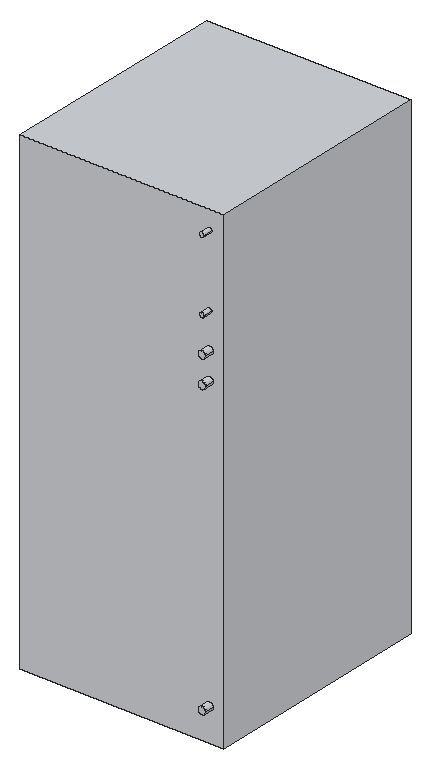
Revit family "M_WSHP - Escoamento descendente Alta eficiência 7-18 kW Retorno esquerdo Descarga inferior", category Equipamento mecânico, Revit 2019
Family settings
  Cota do conector redondo = Usar raio
  Tipo de parte = Normal
  Número OmniClass = 23.75.10.21.17
  Título OmniClass = Water-Source Heat Pumps
  ID de item do Seek = WSHP - Downflow - High Efficiency - 7-18  kW - Left Return - Bottom Discharge-0000-CAN-ENU
  Com base no plano de trabalho = Não
  Sempre na vertical = Sim
  Corte com vazios quando carregada = Não
  Compartilhado = Não
  Ponto de cálculo do ambiente = Não
Parameters (values of type "7 kW")
  Raio do fornecimento de água = 10 mm
  Diâmetro do fornecimento de água = Raio do fornecimento de água * 2  # 20 mm
  Raio do retorno da água = 10 mm
  Diâmetro do retorno da água = Raio do retorno da água * 2  # 20 mm
  Queda de pressão da água [instance] = 24131.6 Pa
  Fluxo da água [instance] = 0.5 L/s
  Voltagem = 208 V
  Altura do ar de fornecimento = 225 mm
  Largura do ar de fornecimento = 250 mm
  Largura do ar de retorno = 550 mm
  Altura do ar de retorno = 700 mm
  Largura da bomba = 650.3 mm
  Material da bomba = none
  Comprimento da bomba = 568.9 mm
  Altura da bomba = 1333.5 mm
  Número de pólos = 3
  Classificação de carga = Refrigeração
  Raio do fornecimento de água quente = 6 mm
  Diâmetro do fornecimento de água quente = Raio do fornecimento de água quente * 2  # 12 mm
  Raio do retorno de água quente = 6 mm
  Diâmetro do retorno de água quente = Raio do retorno de água quente * 2  # 12 mm
  Fluxo da água quente [instance] = 0.32 L/s
  Raio da condensação = 10 mm
  Fluxo da drenagem [instance] = 0.0 L/s
  Diâmetro da condensação = Raio da condensação * 2  # 20 mm
  C6 Deslocamento 1 = 518.1 mm
  C5 Deslocamento 2 = 213.3 mm
  C5 Deslocamento 1 = 170.2 mm
  C4 Deslocamento 1 = 254 mm
  C3 Deslocamento 1 = 53.4 mm
  C2 Deslocamento 1 = 353 mm
  C1 Deslocamento 1 = 429.2 mm
  Carga aparente = 3952 VA
  Pressão estática externa [instance] = 149.3 Pa
  Fluxo de ar [instance] = 377.56 L/s
Types (5, lengths in mm): name | Raio do fornecimento de água | Diâmetro do fornecimento de água | Raio do retorno da água | Diâmetro do retorno da água | Queda de pressão da água | Fluxo da água | Altura do ar de fornecimento | Largura do ar de fornecimento | Largura do ar de retorno | Altura do ar de retorno | Largura da bomba | Comprimento da bomba | Altura da bomba | Fluxo da água quente | C6 Deslocamento 1 | C5 Deslocamento 2 | C5 Deslocamento 1 | C4 Deslocamento 1 | C3 Deslocamento 1 | C2 Deslocamento 1 | C1 Deslocamento 1 | Carga aparente | Pressão estática externa | Fluxo de ar
  (no name) | 10 | 20 | 10 | 20 | 24131.6 Pa | 0.5 L/s | 225 | 250 | 550 | 700 | 650.3 | 568.9 | 1333.5 | 0.32 L/s | 518.1 | 213.3 | 170.2 | 254 | 53.4 | 353 | 429.2 | 3952 VA | 149.3 Pa | 377.56 L/s
  7 kW | 10 | 20 | 10 | 20 | 24131.6 Pa | 0.5 L/s | 225 | 250 | 550 | 700 | 650.3 | 568.9 | 1333.5 | 0.32 L/s | 518.1 | 213.3 | 170.2 | 254 | 53.4 | 353 | 429.2 | 3952 VA | 149.3 Pa | 377.56 L/s
  11 kW | 10 | 20 | 10 | 20 | 31026.4 Pa | 0.57 L/s | 325 | 350 | 650 | 700 | 777.3 | 645.1 | 1384.3 | 0.5 L/s | 568.9 | 228.6 | 187.9 | 274.3 | 86.3 | 396.3 | 480 | 5283 VA | 149.3 Pa | 566.34 L/s
  14 kW | 15 | 30 | 15 | 30 | 24821.1 Pa | 0.76 L/s | 325 | 350 | 650 | 800 | 777.3 | 645.1 | 1485.9 | 0.63 L/s | 568.9 | 228.6 | 187.9 | 274.3 | 86.3 | 396.3 | 480 | 6780 VA | 199.07 Pa | 755.12 L/s
  18 kW | 10 | 20 | 10 | 20 | 24821.1 Pa | 0.95 L/s | 325 | 325 | 650 | 800 | 777.3 | 645.1 | 1587.5 | 0.82 L/s | 568.9 | 228.6 | 187.9 | 274.3 | 86.3 | 396.3 | 480 | 7696 VA | 199.07 Pa | 943.89 L/s
Reference planes
  plane 1 "Centro (Frente/Trás)": y = 0
  plane 2: z = 0
  plane 3 "Centro (Esquerda/Direita)": x = 0
  plane 4: x = 568.9
  plane 5: y = 650.3
  plane 6: z = 1333.5
  plane 7: x = 148.7
  plane 8: x = 398.7
  plane 9: z = -25.4
  plane 10: z = 1206.5
  plane 11: x = 40.64
  plane 12: x = 528.26
  plane 13: z = 91.44
  plane 14: y = -25.4
  plane 15: z = 1280.1
  plane 16: z = 1079.5
  plane 17: z = 980.5
  plane 18: z = 904.3
  plane 19: y = 325.15
  plane 20: y = 600.15
  plane 21: y = 50.15
  plane 22: z = 815.4
  plane 23: z = 115.4
  plane 24: x = -25.4
  plane 25: y = 136.537
  plane 26: y = 437
  plane 27: y = 212
Forms (mm)
  Extrusion 1, solid, material <- "Material da bomba"
    sketch origin (0, 0, 0) x (1, 0, 0) y (0, 1, 0)
      loop
        line (0, 650.3) -> (0, 0) -> (568.9, 0) -> (568.9, 650.3) -> (0, 650.3)
    from 0 to 1333.5
  Extrusion 2, solid, material <- "Material da bomba"
    sketch origin (0, 0, 0) x (1, 0, 0) y (0, 0, 1)
      loop
        circle (40.64, 1206.5) r 25.4
    from -25.4 to 0
  Extrusion 3, solid, material <- "Material da bomba"
    sketch origin (0, 0, 0) x (1, 0, 0) y (0, 0, 1)
      loop
        circle (528.26, 91.44) r 10
    from 0 to 25.4
  Extrusion 4, solid, material <- "Material da bomba"
    sketch origin (0, 0, 0) x (1, 0, 0) y (0, 0, 1)
      loop
        circle (528.26, 1280.1) r 6
    from 0 to 25.4
  Extrusion 5, solid, material <- "Material da bomba"
    sketch origin (0, 0, 0) x (1, 0, 0) y (0, 0, 1)
      loop
        circle (528.26, 1079.5) r 6
    from 0 to 25.4
  Extrusion 6, solid, material <- "Material da bomba"
    sketch origin (0, 0, 0) x (1, 0, 0) y (0, 0, 1)
      loop
        circle (528.26, 980.5) r 10
    from 0 to 25.4
  Extrusion 7, solid, material <- "Material da bomba"
    sketch origin (0, 0, 0) x (1, 0, 0) y (0, 0, 1)
      loop
        circle (528.26, 904.3) r 10
    from 0 to 25.4
  Extrusion 8, solid, material <- "Material da bomba"
    sketch origin (0, 0, 0) x (0, 1, 0) y (0, 0, 1)
      loop
        line (600.15, 815.4) -> (50.15, 815.4) -> (50.15, 115.4) -> (600.15, 115.4) -> (600.15, 815.4)
    from -25.4 to 0
  Extrusion 9, solid, material <- "Material da bomba"
    sketch origin (0, 0, 0) x (1, 0, 0) y (0, 1, 0)
      loop
        line (148.7, 212) -> (398.7, 212) -> (398.7, 437) -> (148.7, 437) -> (148.7, 212)
    from -25.4 to 0
  Extrusion 10, solid, material <- "Material da bomba"
    sketch origin (0, 0, 0) x (1, 0, 0) y (0, 0, 1)
      loop
        circle (40.64, 1206.5) r 25.4
    from -25.4 to 0
Cuts and joins
  joined: Extrusion 1, Extrusion 2, Extrusion 3, Extrusion 4, Extrusion 5, Extrusion 6, Extrusion 7, Extrusion 8, Extrusion 9, Extrusion 10
Dimensions and locks
  "Largura da bomba": plane 5 to plane 1 "Centro (Frente/Trás)"
  "Comprimento da bomba": plane 3 "Centro (Esquerda/Direita)" to plane 4
  "Altura da bomba": plane 6 to level
  "Largura do ar de fornecimento": plane 7 to plane 8
  locked: level to plane 9 at 25.4
  locked: plane 11 to plane 3 "Centro (Esquerda/Direita)" at 40.64
  locked: plane 6 to plane 10 at 127
  locked: plane 4 to plane 12 at 40.64
  locked: plane 13 to level at 91.44
  locked: plane 14 to plane 1 "Centro (Frente/Trás)" at 25.4
  "C3 Deslocamento 1": plane 6 to plane 15
  "C4 Deslocamento 1": plane 6 to plane 16
  "C2 Deslocamento 1": plane 6 to plane 17
  "C1 Deslocamento 1": plane 6 to plane 18
  equal spacing: plane 20, plane 19, plane 21
  equal spacing: plane 5, plane 19, plane 1 "Centro (Frente/Trás)"
  "Largura do ar de retorno": plane 20 to plane 21
  "C6 Deslocamento 1": plane 6 to plane 22
  "Altura do ar de retorno": plane 22 to plane 23
  locked: plane 24 to plane 3 "Centro (Esquerda/Direita)" at 25.4
  "C5 Deslocamento 1": plane 8 to plane 4
  "C5 Deslocamento 2": plane 5 to plane 26
  "Altura do ar de fornecimento": plane 26 to plane 27
  "Raio da condensação": radius of Extrusion 3 sketch curve
  "Raio do fornecimento de água quente": radius of Extrusion 4 sketch curve
  "Raio do retorno de água quente": radius of Extrusion 5 sketch curve
  "Raio do retorno da água": radius of Extrusion 6 sketch curve
  "Raio do fornecimento de água": radius of Extrusion 7 sketch curve
  aligned and locked: plane 3 "Centro (Esquerda/Direita)" to Extrusion 1 sketch curve
  aligned and locked: Extrusion 1 sketch curve to plane 5
  aligned and locked: plane 1 "Centro (Frente/Trás)" to Extrusion 1 sketch curve
  aligned and locked: Extrusion 1 sketch curve to plane 4
  aligned and locked: plane 6 to Extrusion 1
  aligned and locked: Extrusion 1 to level
  aligned and locked: plane 10 to Extrusion 2 sketch curve
  aligned and locked: plane 11 to Extrusion 2 sketch curve
  aligned and locked: plane 1 "Centro (Frente/Trás)" to Extrusion 2
  aligned and locked: plane 13 to Extrusion 3 sketch curve
  aligned and locked: plane 12 to Extrusion 3 sketch curve
  aligned and locked: Extrusion 3 to plane 14
  aligned and locked: Extrusion 3 to plane 1 "Centro (Frente/Trás)"
  aligned and locked: plane 15 to Extrusion 4 sketch curve
  aligned and locked: plane 12 to Extrusion 4 sketch curve
  aligned and locked: plane 16 to Extrusion 5 sketch curve
  aligned and locked: plane 12 to Extrusion 5 sketch curve
  aligned and locked: plane 12 to Extrusion 6 sketch curve
  aligned and locked: plane 17 to Extrusion 6 sketch curve
  aligned and locked: plane 12 to Extrusion 7 sketch curve
  aligned and locked: plane 18 to Extrusion 7 sketch curve
  aligned and locked: Extrusion 3 to Extrusion 4
  aligned and locked: Extrusion 4 to plane 1 "Centro (Frente/Trás)"
  aligned and locked: Extrusion 6 to Extrusion 3
  aligned and locked: Extrusion 6 to plane 1 "Centro (Frente/Trás)"
  aligned and locked: Extrusion 3 to Extrusion 5
  aligned and locked: Extrusion 5 to plane 1 "Centro (Frente/Trás)"
  aligned and locked: Extrusion 7 to Extrusion 3
  aligned and locked: Extrusion 7 to plane 1 "Centro (Frente/Trás)"
  aligned and locked: plane 20 to Extrusion 8 sketch curve
  aligned and locked: plane 22 to Extrusion 8 sketch curve
  aligned and locked: plane 23 to Extrusion 8 sketch curve
  aligned and locked: Extrusion 8 sketch curve to plane 21
  aligned and locked: Extrusion 8 to plane 24
  aligned and locked: plane 3 "Centro (Esquerda/Direita)" to Extrusion 8
  aligned and locked: plane 7 to Extrusion 9 sketch curve
  aligned and locked: Extrusion 9 sketch curve to plane 27
  aligned and locked: plane 26 to Extrusion 9 sketch curve
  aligned and locked: plane 8 to Extrusion 9 sketch curve
  aligned and locked: Extrusion 9 to plane 9
  aligned and locked: level to Extrusion 9
  aligned and locked: plane 10 to Extrusion 10 sketch curve
  aligned and locked: plane 11 to Extrusion 10 sketch curve
  aligned and locked: plane 1 "Centro (Frente/Trás)" to Extrusion 10
Automatic sketch dimensions
  radius of Extrusion 2 sketch curve = 25.4 mm
  radius of Extrusion 10 sketch curve = 25.4 mm
Connectors
  piping at (528.26, -25.4, 904.3), diameter 20, driven by "Fluxo da água", driven by "Raio do fornecimento de água"
    settings: on Extrusion 7, index 1, connector inside diameter 20 mm, connector length 0 mm, flow factor 0, pipe flow 0.5 L/s, pressure drop 0.0 Pa, fitting loss kfactor 0, connector angle 0.00°, fixture units 0, engagement length 0 mm, angle of deflection 0.00°, flow configuration 1, flow direction 1, fitting loss method 0, system type 7, joint type 0, gender type 0, connector reference index 2, connector utility 0, adjustable connector no, is connector primary yes, connector description "Entrada do fornecimento de água"
  piping at (528.26, -25.4, 980.5), diameter 20, driven by "Fluxo da água", driven by "Raio do retorno da água", driven by "Queda de pressão da água"
    settings: on Extrusion 6, index 2, connector inside diameter 20 mm, connector length 0 mm, flow factor 0, pipe flow 0.5 L/s, pressure drop 24131.6 Pa, fitting loss kfactor 0, connector angle 0.00°, fixture units 0, engagement length 0 mm, angle of deflection 0.00°, flow configuration 1, flow direction 2, fitting loss method 4, system type 8, joint type 0, gender type 0, connector reference index 1, connector utility 0, adjustable connector no, is connector primary no, connector description "Saída do retorno da água"
  piping at (528.26, -25.4, 1280.1), diameter 12, driven by "Fluxo da água quente", driven by "Raio do fornecimento de água quente"
    settings: on Extrusion 4, index 3, connector inside diameter 12 mm, connector length 0 mm, flow factor 0, pipe flow 0.32 L/s, pressure drop 0.0 Pa, fitting loss kfactor 0, connector angle 0.00°, fixture units 0, engagement length 0 mm, angle of deflection 0.00°, flow configuration 0, flow direction 2, fitting loss method 0, system type 7, joint type 0, gender type 0, connector reference index 4, connector utility 0, adjustable connector no, is connector primary no, connector description "Saída do fornecimento de água quente"
  piping at (528.26, -25.4, 1079.5), diameter 12, driven by "Fluxo da água quente", driven by "Raio do retorno de água quente"
    settings: on Extrusion 5, index 4, connector inside diameter 12 mm, connector length 0 mm, flow factor 0, pipe flow 0.32 L/s, pressure drop 0.0 Pa, fitting loss kfactor 0, connector angle 0.00°, fixture units 0, engagement length 0 mm, angle of deflection 0.00°, flow configuration 0, flow direction 1, fitting loss method 0, system type 8, joint type 0, gender type 0, connector reference index 3, connector utility 0, adjustable connector no, is connector primary no, connector description "Entrada do retorno de água quente"
  hvac at (273.7, 324.5, -25.4), driven by "Fluxo de ar", driven by "Altura do ar de fornecimento", driven by "Largura do ar de fornecimento"
    settings: on Extrusion 9, index 5, duct flow 377.56 L/s, flow factor 0, pres drop 0.0 Pa, loss coef 0, conn angle 0.00°, conn width 250 mm, conn height 225 mm, conn diameter 609.6 mm, duct sys type 1, conn prof type 1, flow config 0, flow direction 2, loss method 0, conn ref index 6, conn util no, is conn primary yes, conn desc ""
  hvac at (-25.4, 325.15, 465.4), driven by "Fluxo de ar", driven by "Altura do ar de retorno", driven by "Largura do ar de retorno"
    settings: on Extrusion 8, index 6, duct flow 377.56 L/s, flow factor 0, pres drop 0.0 Pa, loss coef 0, conn angle 0.00°, conn width 550 mm, conn height 700 mm, conn diameter 609.6 mm, duct sys type 2, conn prof type 1, flow config 0, flow direction 1, loss method 0, conn ref index 5, conn util no, is conn primary no, conn desc ""
  piping at (528.26, -25.4, 91.44), diameter 20, driven by "Fluxo da drenagem", driven by "Raio da condensação"
    settings: on Extrusion 3, index 7, connector inside diameter 20 mm, connector length 0 mm, flow factor 0, pipe flow 0.0 L/s, pressure drop 0.0 Pa, fitting loss kfactor 0, connector angle 0.00°, fixture units 0, engagement length 0 mm, angle of deflection 0.00°, flow configuration 1, flow direction 2, fitting loss method 0, system type 16, joint type 0, gender type 0, connector reference index -1, connector utility 0, adjustable connector yes, is connector primary no, connector description "Saída de condensação"
  electrical at (40.64, 0, 1206.5), driven by "Carga aparente", driven by "Voltagem", driven by "Número de pólos", driven by "Classificação de carga"
    settings: on Extrusion 2, index 8, voltage 208 V, apparent load 3952 VA, apparent load phase1 0 VA, apparent load phase2 0 VA, apparent load phase3 0 VA, power factor 0.8, load classification "Refrigeração", number of poles 3, system type 30, power factor state 1, is connector primary yes, connector utility no, sub classification motor no, connector description ""
